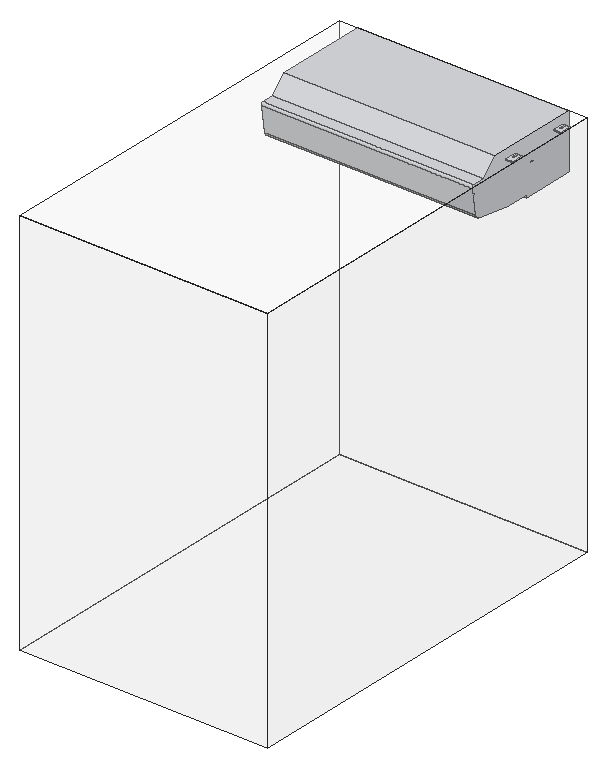
Revit family "pczg-p2_5mha14_50Hz", category 機械設備, Revit 2019
Family settings
  丸型コネクタ寸法 = 直径を使用
  パーツ タイプ = 標準
  OmniClass 番号 = 23.75.10.24.21.27.27
  OmniClass タイトル = Split System Air Conditioning Units
  作業面ベース = いいえ
  常に垂直 = はい
  ロード時にボイドで切り取り = いいえ
  共有 = いいえ
  部屋計算ポイント = はい
Parameters (values of type "厨房天吊_PCZG-P2MHA14")
  風量_強 (m3/min) = 17
  風量_弱 (m3/min) = 15
  風量 = MAX風量  # 1020.0 m³/h
  音響パワーレベル（弱）(dB) = 55
  音響パワーレベル(dB) = 57
  電源種別 = ""
  電源_H = 0 mm
  電圧_電気ヒーター = 0 V
  電圧 = 200 V
  電動機出力_送風機 = 0.04 kW
  運転質量 = 0.00 kg
  連動 = ""
  質量 = if(製品質量 > 運転質量, 製品質量, 運転質量) * 1.2  # 50.40 kg
  負荷分類 = 3_ファン類
  構成品番 = "PCZG-P2MHA14"
  冷媒液管位置 = 171 mm
  冷媒ガス管位置 = 195 mm
  ドレン管径 (外径) = 32 mm
  MIN風量 = [風量_弱 (m3/min)] * 60.0 m³/h  # 900.0 m³/h
  MAX風量 = [風量_強 (m3/min)] * 60.0 m³/h  # 1020.0 m³/h
  サービススペース = yes
  ケーブルサイズ = 0 mm
  Version = ""
  URL = "https://www.mitsubishielectric.co.jp/ldg/wink/ssl/displayProduct.do?pid=323635"
  Line = not(Width = 1136 mm)  # no
  説明 = "店舗・事務所用パッケージエアコン(Mr.SLIM) 厨房用(天吊形)"
  設計暖房能力 = 0.00 kW
  設計冷房能力_顕熱 = 0 kW
  設計冷房能力 = 0 kW
  設置方法 = "天井吊形"
  記号 = ""
  製造元 = "三菱電機株式会社"
  製品質量 = 42.00 kg
  製品出荷対象 = "国内"
  製品リリース年月 = "2022/10/11"
  製品グループ = ""
  系統 = ""
  符号 = "PAC_CRK"
  積算_科目 = "1 空気調和設備"
  積算_拾い区分 [instance] = ""
  相 = 1
  盤記号 = ""
  発停方法 = "付属スイッチ"
  特殊仕様 = ""
  火災停止 = ""
  消費電力_電気ヒーター = 0.00 kW
  消費電力_暖房 = 0.13 kW
  消費電力_加湿器 = 0.00 kW
  消費電力_冷房 = 0.13 kW
  消費電力 = if(消費電力_冷房 > 消費電力_暖房, 消費電力_冷房, 消費電力_暖房) + 消費電力_加湿器 + 消費電力_電気ヒーター  # 0.13 kW
  法定耐用年数 = "6"
  極数 = 1
  材質 = ""
  本体マテリアル = none
  有効加湿量 = 0
  暖房能力 = 5.60 kW
  推奨ブレーカー容量 = 0 A
  形式_加湿器 = ""
  形式 = "厨房用天井吊（露出）形"
  幹線記号 = ""
  始動方式 = "直入"
  呼称 = "室内機_厨房用天井吊（露出）形"
  周波数 = 50 Hz
  吊り位置Y = 320 mm
  吊り位置X = 1180 mm
  吊りボルト_H = 43 mm
  台数_手元リモコン = ""
  台数_冷媒分岐ユニット = ""
  参照している仕様書等のバージョン = "公共建築工事標準仕様書（機械設備工事編）平成31年度版"
  加湿給水管径 = 0.00 mm
  分類コード = "50053003123100"
  分類グループ = ""
  冷房能力 = 4.9 kW
  冷媒高低圧ガス管径 = 0.00 mm
  冷媒管径符号 = "Ac"
  冷媒管径 = 100.00 mm
  冷媒液管高さ = 165 mm
  冷媒液管径 = 6.35 mm
  冷媒ガス管高さ = 165 mm
  冷媒ガス管径 = 12.70 mm
  企業コード = "108420"
  付属品_フィルター = ""
  付属品 = ""
  仕様書バージョン = "Version1.0"
  Model = ""
  パネルマテリアル = none
  ドレン管高さ = 254 mm
  ドレン管径 = 25.00 mm
  コメント [instance] = ""
  ケーブル種類 = ""
  Width = 1136 mm
  Uniclass2015Version = "Systems v1.9"
  Uniclass2015Title = "Split coil remote air cooled condensing units"
  Uniclass2015Code = "Pr_70_65_03_84"
  SpecificationReference = ""
  SpecificationDescription = ""
  S_H = 295 mm
  Revision = ""
  ProductInformation = ""
  OmniClassCode = "23-33 17 13 11"
  IfcTypeProduct = ""
  IfcProduct = ""
  IfcExportType = "AIRCONDITIONINGUNIT"
  IfcExportAs = "IfcUnitaryEquipmentType"
  Height = 280 mm
  Depth = 650 mm
  価格 = 276000
  Clearance Top = 2 mm
  Clearance Right = 100 mm
  Clearance Left = 100 mm
  Clearance Front = 1500 mm
  Clearance Bottom = 1800 mm
  Clearance Back = 0 mm
  Author = "三菱電機株式会社"
Types (4, lengths in mm): name | 風量_強 (m3/min) | 風量_弱 (m3/min) | 風量 | 音響パワーレベル（弱）(dB) | 音響パワーレベル(dB) | 電動機出力_送風機 | 質量 | 構成品番 | 冷媒液管位置 | 冷媒ガス管位置 | MIN風量 | MAX風量 | URL | Line | 製品質量 | 消費電力_暖房 | 消費電力_冷房 | 消費電力 | 暖房能力 | 吊り位置X | 冷房能力 | 冷媒管径符号 | 冷媒液管径 | 冷媒ガス管径 | Width | 価格
  厨房天吊_PCZG-P2MHA14 | 17 | 15 | 1020.0 m³/h | 55 | 57 | 0.04 kW | 50.40 kg | "PCZG-P2MHA14" | 171 | 195 | 900.0 m³/h | 1020.0 m³/h | "https://www.mitsubishielectric.co.jp/ldg/wink/ssl/displayProduct.do?pid=323635" | no | 42.00 kg | 0.13 kW | 0.13 kW | 0.13 kW | 5.60 kW | 1180 | 4.9 kW | "Ac" | 6.35 | 12.70 | 1136 | 276000
  厨房天吊_PCZG-P3MHA14 | 38 | 30 | 2280.0 m³/h | 62 | 68 | 0.16 kW | 67.20 kg | "PCZG-P3MHA14" | 175 | 197 | 1800.0 m³/h | 2280.0 m³/h | "https://www.mitsubishielectric.co.jp/ldg/wink/ssl/displayProduct.do?pid=323521" | yes | 56.00 kg | 0.30 kW | 0.30 kW | 0.30 kW | 9.00 kW | 1564 | 8 kW | "Bd" | 9.52 | 15.88 | 1520 | 317000
  厨房天吊_PCZG-P4MHA14 | 38 | 30 | 2280.0 m³/h | 62 | 68 | 0.16 kW | 67.20 kg | "PCZG-P4MHA14" | 175 | 197 | 1800.0 m³/h | 2280.0 m³/h | "https://www.mitsubishielectric.co.jp/ldg/wink/ssl/displayProduct.do?pid=323492" | yes | 56.00 kg | 0.30 kW | 0.30 kW | 0.30 kW | 11.20 kW | 1564 | 10 kW | "Bd" | 9.52 | 15.88 | 1520 | 393000
  厨房天吊_PCZG-P5MHA14 | 38 | 30 | 2280.0 m³/h | 62 | 68 | 0.16 kW | 69.60 kg | "PCZG-P5MHA14" | 175 | 197 | 1800.0 m³/h | 2280.0 m³/h | "https://www.mitsubishielectric.co.jp/ldg/wink/ssl/displayProduct.do?pid=323493" | yes | 58.00 kg | 0.31 kW | 0.31 kW | 0.31 kW | 14.00 kW | 1564 | 11 kW | "Bd" | 9.52 | 15.88 | 1520 | 436000
Reference planes
  plane 1 "中心(正面/背面)": y = 0
  plane 2: z = 0
  plane 3 "中心(左/右)": x = 0
  plane 4: x = 523
  plane 5: z = 3835
  plane 6: x = 438
  plane 7: z = 3835
  plane 8: x = 463
  plane 9: z = 3746
  plane 10: x = 668
  plane 11: x = 568
  plane 12: x = -668
  plane 13: x = -568
  plane 14: y = -650
  plane 15: z = -280
  plane 16: y = -2150
  plane 17: x = -590
  plane 18: x = 590
  plane 19: z = -2095
  plane 20: z = -295
  plane 21: x = 558.3
  plane 22: y = -80
  plane 23: y = -400
  plane 24: y = -323
  plane 25: y = -195
  plane 26: y = -171
  plane 27: y = -70
  plane 28: z = -43
  plane 29: z = -165
  plane 30: z = -254
  plane 31: x = 523
  plane 32: x = 438
  plane 33: x = 463
  plane 34: x = 463
  plane 35: z = 3746
  plane 36: z = 2
  plane 37: z = -95
  plane 38: z = -165
  plane 39: z = -312
Forms (mm)
  Extrusion 1, solid
    sketch origin (0, -325, -4000) x (0, 1, 0) y (0, 0, 1)
      loop
        line (325, 4000) -> (-171.734, 4000) -> (-246.938, 3924.796) -> (-313.202, 3924.796)
        arc (-313.202, 3924.796) -> (-322.395, 3920.509) -> (-325.02, 3910.712) r 12
        line (-325.02, 3910.712) -> (-299.97, 3768.648)
        arc (-299.97, 3768.648) -> (-294.972, 3759.046) -> (-285.369, 3754.047) r 18
        line (-285.369, 3754.047) -> (-92.277, 3720) -> (37.069, 3720) -> (37.069, 3705) -> (325, 3705) -> (325, 4000)
    from -568 to 568
  Extrusion 2, solid, detail levels fine
    sketch origin (0, 0, 0) x (0, 0, -1) y (-1, 0, 0)
      loop
        circle (165.005, -523) r 6.35
    from -325 to -197
  Extrusion 3, solid, detail levels fine
    sketch origin (0, 0, 0) x (0, 0, -1) y (-1, 0, 0)
      loop
        circle (165.005, -438) r 3.175
    from -175 to -325
  Extrusion 4, solid, detail levels fine
    sketch origin (0, 0, 0) x (0, 0, -1) y (-1, 0, 0)
      loop
        circle (254.005, -463) r 16
    from -70 to -325
  Extrusion 5, solid, detail levels fine
    sketch origin (0, 0, -4000) x (1, 0, 0) y (0, 1, 0)
      loop
        line (568, -370) -> (568, -430) -> (612, -430) -> (612, -370) -> (595, -370) -> (595, -400)
        arc (595, -400) -> (590, -405) -> (585, -400) r 5
        line (585, -400) -> (585, -370) -> (568, -370)
    from 3954.5 to 3959.5
  Extrusion 6, solid, detail levels fine
    sketch origin (0, 320, -4000) x (1, 0, 0) y (0, 1, 0)
      loop
        line (568, -370) -> (568, -430) -> (612, -430) -> (612, -370) -> (595, -370) -> (595, -400)
        arc (595, -400) -> (590, -405) -> (585, -400) r 5
        line (585, -400) -> (585, -370) -> (568, -370)
    from 3954.5 to 3959.5
  Extrusion 7, solid, detail levels fine
    sketch origin (-1180, 0, -4000) x (1, 0, 0) y (0, 1, 0)
      loop
        line (568, -370) -> (568, -430) -> (612, -430) -> (612, -370) -> (595, -370) -> (595, -400)
        arc (595, -400) -> (590, -405) -> (585, -400) r 5
        line (585, -400) -> (585, -370) -> (568, -370)
    from 3954.5 to 3959.5
  Extrusion 8, solid, detail levels fine
    sketch origin (-1180, 320, -4000) x (1, 0, 0) y (0, 1, 0)
      loop
        line (568, -370) -> (568, -430) -> (612, -430) -> (612, -370) -> (595, -370) -> (595, -400)
        arc (595, -400) -> (590, -405) -> (585, -400) r 5
        line (585, -400) -> (585, -370) -> (568, -370)
    from 3954.5 to 3959.5
  Extrusion 9, solid, detail levels fine
    sketch origin (-3.482, 0, 0) x (1, 0, 0) y (0, 0, 1)
      loop
        circle (483.982, -165) r 50
    from 0 to 5
  Extrusion 10, solid, detail levels fine
    sketch origin (0, 160, 0) x (0, 0, -1) y (-1, 0, 0)
      loop
        circle (254.005, -463) r 16
    from -160 to -165
Lines and regions (mm)
  model lines, detail levels fine
    curve 1: line (-493, -647.647, -102.744) -> (-493, -628.546, -211.073)
    curve 2: line (493, -647.647, -102.744) -> (493, -628.546, -211.073)
    curve 3: line (-493, -647.647, -102.744) -> (493, -647.647, -102.744)
    curve 4: line (493, -628.546, -211.073) -> (-493, -628.546, -211.073)
Dimensions and locks
  equal spacing: plane 13, plane 3 "中心(左/右)", plane 11
  "Width": plane 13 to plane 11
  "Clearance Right": plane 11 to plane 10
  "Clearance Left": plane 12 to plane 13
  "Depth": plane 14 to plane 1 "中心(正面/背面)"
  "Height": level to plane 15
  "Clearance Front": plane 16 to plane 14
  equal spacing: plane 17, plane 3 "中心(左/右)", plane 18
  "吊り位置X": plane 17 to plane 18
  "S_H": level to plane 20
  locked: plane 21 to plane 11 at 9.7
  locked: plane 22 to plane 1 "中心(正面/背面)" at 80
  "吊り位置Y": plane 22 to plane 23
  plane 27 to plane 1 "中心(正面/背面)" = 70 mm
  "冷媒液管位置": plane 26 to plane 1 "中心(正面/背面)"  (x2)
  "冷媒ガス管位置": plane 25 to plane 1 "中心(正面/背面)"  (x2)
  plane 24 to plane 25 = 128 mm
  plane 24 to plane 26 = 152 mm
  "Clearance Bottom": plane 20 to plane 19
  "吊りボルト_H": level to plane 28
  level to plane 29 = 165 mm
  level to plane 30 = 254 mm
  plane 31 to plane 11 = 45 mm
  plane 32 to plane 31 = 85 mm
  plane 33 to plane 11 = 105 mm
  "Clearance Back": plane 1 "中心(正面/背面)" to nested 1
  equal spacing: plane 32, Extrusion 9 sketch curve, plane 31
  "Clearance Top": plane 36 to plane 2
  "冷媒ガス管高さ": plane 2 to plane 29
  "冷媒液管高さ": Extrusion 1 to plane 38
  "冷媒液管径": diameter of Extrusion 3 sketch curve
  "冷媒ガス管径": diameter of Extrusion 2 sketch curve
  "ドレン管径 (外径)": diameter of Extrusion 4 sketch curve
  "ドレン管径 (外径)": diameter of Extrusion 10 sketch curve
  aligned and locked: level to plane 2
  aligned and locked: plane 11 to Extrusion 1
  aligned and locked: plane 13 to Extrusion 1
  aligned and locked: plane 12 to nested 1
  aligned and locked: nested 1 to plane 10
  aligned and locked: plane 17 to nested 2
  aligned and locked: nested 2 to plane 18
  aligned and locked: plane 20 to Extrusion 1
  aligned and locked: plane 19 to nested 1
  aligned and locked: plane 21 to nested 3
  aligned and locked: nested 1 to plane 16
  aligned and locked: plane 22 to nested 2
  aligned and locked: plane 23 to nested 2
  aligned and locked: plane 1 "中心(正面/背面)" to nested 1
  aligned and locked: plane 36 to nested 1
Automatic sketch dimensions
  Extrusion 1 sketch curve to level = 0 mm
  Extrusion 1 sketch curve to plane 15 = 0 mm
  Extrusion 1 sketch curve to plane 20 = 0 mm
  Extrusion 1 sketch curve to plane 1 "中心(正面/背面)" = 0 mm
  plane 24 to Extrusion 1 sketch curve = 35.069 mm
  Extrusion 1 sketch curve to plane 23 = 17.277 mm
  Extrusion 1 sketch curve to plane 23 = 96.734 mm
  Extrusion 1 sketch curve to plane 28 = 32.204 mm
  plane 14 to Extrusion 1 sketch curve = 78.062 mm
  plane 14 to Extrusion 1 sketch curve = 42.756 mm
  plane 30 to Extrusion 1 sketch curve = 8.047 mm
  Extrusion 1 sketch curve to Extrusion 1 sketch curve = 3.126 mm
  Extrusion 1 sketch curve to Extrusion 1 sketch curve = 17.727 mm
  plane 14 to Extrusion 1 sketch curve = 11.798 mm
  Extrusion 1 sketch curve to plane 14 = 0.02 mm
  Extrusion 1 sketch curve to Extrusion 1 sketch curve = 14.601 mm
  Extrusion 1 sketch curve to Extrusion 1 sketch curve = 14.084 mm
  Extrusion 1 to curve 3 = 13.664 mm
  curve 2 to Extrusion 1 = 20.591 mm
  Extrusion 1 to curve 1 = 75 mm
  Extrusion 1 to curve 3 = 75 mm
  Extrusion 5 sketch curve to plane 11 = 0 mm
  Extrusion 5 sketch curve to plane 23 = 0 mm
  Extrusion 5 sketch curve to plane 18 = 0 mm
  Extrusion 5 sketch curve to Extrusion 5 sketch curve = 5 mm
  Extrusion 5 sketch curve to plane 18 = 22 mm
  Extrusion 5 sketch curve to plane 23 = 30 mm
  plane 23 to Extrusion 5 sketch curve = 30 mm
  Extrusion 5 sketch curve to Extrusion 5 sketch curve = 0 mm
  Extrusion 6 sketch curve to plane 11 = 0 mm
  Extrusion 6 sketch curve to plane 22 = 0 mm
  Extrusion 6 sketch curve to plane 18 = 0 mm
  Extrusion 6 sketch curve to Extrusion 6 sketch curve = 5 mm
  Extrusion 6 sketch curve to plane 18 = 22 mm
  Extrusion 6 sketch curve to plane 22 = 30 mm
  plane 27 to Extrusion 6 sketch curve = 20 mm
  Extrusion 6 sketch curve to Extrusion 6 sketch curve = 0 mm
  Extrusion 7 sketch curve to plane 23 = 0 mm
  Extrusion 7 sketch curve to plane 17 = 0 mm
  Extrusion 7 sketch curve to plane 13 = 0 mm
  Extrusion 7 sketch curve to plane 17 = 5 mm
  Extrusion 7 sketch curve to plane 17 = 22 mm
  Extrusion 7 sketch curve to plane 23 = 30 mm
  plane 23 to Extrusion 7 sketch curve = 30 mm
  Extrusion 7 sketch curve to Extrusion 7 sketch curve = 0 mm
  Extrusion 8 sketch curve to plane 22 = 0 mm
  Extrusion 8 sketch curve to plane 17 = 0 mm
  Extrusion 8 sketch curve to plane 13 = 0 mm
  Extrusion 8 sketch curve to plane 17 = 5 mm
  Extrusion 8 sketch curve to plane 17 = 22 mm
  Extrusion 8 sketch curve to plane 22 = 30 mm
  plane 27 to Extrusion 8 sketch curve = 20 mm
  Extrusion 8 sketch curve to Extrusion 8 sketch curve = 0 mm
  Extrusion 9 sketch curve to plane 29 = 0 mm
  Extrusion 1 to Extrusion 2 sketch curve = 45 mm
  Extrusion 2 sketch curve to Extrusion 1 = 129.995 mm
  Extrusion 3 sketch curve to Extrusion 1 = 129.995 mm
  Extrusion 1 to Extrusion 3 sketch curve = 130 mm
  Extrusion 4 sketch curve to Extrusion 1 = 40.995 mm
  Extrusion 1 to Extrusion 4 sketch curve = 105 mm
  plane 33 to Extrusion 10 sketch curve = 0 mm
  Extrusion 10 sketch curve to plane 30 = 0.005 mm
  radius of Extrusion 9 sketch curve = 50 mm
Nested families
  nested 1: "サービススペース" at (0, -1075, -1046.5), visible <- "サービススペース", type "サービススペース"
    with Width 1336 mm, Height 2097 mm, Depth 2150 mm
  nested 2: "固定点" at (-590, -400, 0), type "固定点"
    with W 1180 mm, D 320 mm
  nested 3: "吸込口" at (-192, 0, -4000), Width <- "Width", type "吸込口"
    with Width 1136 mm, Line-2 yes, Line no
Connectors
  piping at (480.5, 0, -165), diameter 100, driven by "冷媒管径", driven by "冷媒管径符号"
    settings: on Extrusion 9, index 1, connector inside diameter 609.60 mm, connector length 0 mm, flow factor 0, pipe flow 0.0 L/s, pressure drop 0.0 Pa, fitting loss kfactor 0, connector angle 0.00°, fixture units 0, engagement length 0 mm, angle of deflection 0.00°, flow configuration 1, flow direction 1, fitting loss method 4, system type 7, joint type 0, gender type 0, connector reference index -1, connector utility 0, adjustable connector no, is connector primary yes, connector description "Ac"
  piping at (463, 0, -254.005), diameter 32, driven by "ドレン管径 (外径)"
    settings: on Extrusion 10, index 2, connector inside diameter 609.60 mm, connector length 0 mm, flow factor 0, pipe flow 0.0 L/s, pressure drop 0.0 Pa, fitting loss kfactor 0, connector angle 0.00°, fixture units 0, engagement length 0 mm, angle of deflection 0.00°, flow configuration 1, flow direction 2, fitting loss method 4, system type 16, joint type 0, gender type 0, connector reference index -1, connector utility 0, adjustable connector no, is connector primary no, connector description ""
  electrical at (568, -416.852, -169.727), driven by "極数", driven by "負荷分類", driven by "電圧", driven by "消費電力"
    settings: on Extrusion 1, index 3, voltage 200 V, apparent load 130 VA, apparent load phase1 0 VA, apparent load phase2 0 VA, apparent load phase3 0 VA, power factor 1, load classification "3_ファン類", number of poles 1, system type 30, power factor state 1, is connector primary yes, connector utility no, sub classification motor no, connector description ""
Definition of nested family "サービススペース"
  Parameters (values of type "サービススペース")
    Width [instance] = 500 mm
    Height [instance] = 500 mm
    Depth [instance] = 500 mm
  Reference planes
    plane 1 "中心(正面/背面)": y = 0
    plane 2: z = 0
    plane 3 "中心(左/右)": x = 0
    plane 4: y = -250
    plane 5: x = 250
    plane 6: y = 250
    plane 7: x = -250
    plane 8: z = 250
    plane 9: z = -250
  Forms (mm)
    Extrusion 1, solid
      sketch origin (-638.939, 0, 72.39) x (1, 0, 0) y (0, 1, 0)
        loop
          line (388.939, 250) -> (388.939, -250) -> (888.939, -250) -> (888.939, 250) -> (388.939, 250)
      from -322.39 to 177.61
  Lines and regions (mm)
    symbolic lines
      curve 1: line (-250, 0, 250) -> (250, 0, 250)
      curve 2: line (-250, 0, -250) -> (-250, 0, 250)
      curve 3: line (250, 0, -250) -> (-250, 0, -250)
      curve 4: line (250, 0, 250) -> (250, 0, -250)
      curve 5: line (0, -250, 250) -> (0, 250, 250)
      curve 6: line (0, -250, -250) -> (0, -250, 250)
      curve 7: line (0, 250, -250) -> (0, -250, -250)
      curve 8: line (0, 250, 250) -> (0, 250, -250)
      curve 9: line (-250, 250, 0) -> (250, 250, 0)
      curve 10: line (-250, -250, 0) -> (-250, 250, 0)
      curve 11: line (250, -250, 0) -> (-250, -250, 0)
      curve 12: line (250, 250, 0) -> (250, -250, 0)
  Dimensions and locks
    equal spacing: plane 7, plane 3 "中心(左/右)", plane 5
    equal spacing: plane 4, plane 1 "中心(正面/背面)", plane 6
    "Depth": plane 4 to plane 6
    "Width": plane 7 to plane 5
    equal spacing: plane 8, plane 2, plane 9
    "Height": plane 8 to plane 9
    aligned and locked: plane 9 to curve 3
    aligned and locked: plane 7 to curve 2
    aligned and locked: curve 4 to plane 5
    aligned and locked: plane 5 to Extrusion 1
    aligned and locked: Extrusion 1 to plane 7
    aligned and locked: Extrusion 1 to plane 9
    aligned and locked: plane 8 to Extrusion 1
    aligned and locked: plane 9 to curve 7
  Automatic sketch dimensions
    plane 4 to Extrusion 1 sketch curve = 0 mm
    Extrusion 1 sketch curve to plane 7 = 0 mm
    Extrusion 1 sketch curve to plane 5 = 0 mm
    plane 6 to Extrusion 1 sketch curve = 0 mm
    curve 2 to plane 8 = 0 mm
    plane 4 to curve 11 = 0 mm
    curve 11 to plane 7 = 0 mm
    curve 11 to plane 5 = 0 mm
    plane 6 to curve 10 = 0 mm
    curve 7 to plane 4 = 0 mm
    curve 7 to plane 6 = 0 mm
    curve 6 to plane 8 = 0 mm
Definition of nested family "吸込口"
  Parameters (values of type "吸込口")
    Width [instance] = 1136 mm
    Line-2 [instance] = not(Width = 1520 mm)  # yes
    Line [instance] = not(Width = 1136 mm)  # no
  Reference planes
    plane 1 "Center (Front/Back)": y = 0
    plane 2: z = 0
    plane 3 "Center (Left/Right)": x = 0
    plane 4: x = 384
    plane 5: x = -384
    plane 6: x = 750.3
    plane 7: x = -192
    plane 8: x = 192
    plane 9: y = -243
    plane 10: z = 3688
  Forms (mm)
    Extrusion 1, solid, visible <- "Line"
      sketch origin (0, -200, 0) x (1, 0, 0) y (0, 1, 0)
        loop
          circle (384, -43) r 10
        loop
          circle (-384, -43) r 10
      from 3688 to 3705
    Extrusion 2, solid, visible <- "Line-2"
      sketch origin (0, -213.278, 0) x (1, 0, 0) y (0, 1, 0)
        loop
          circle (0, -29.722) r 10
        loop
          circle (384, -29.722) r 10
      from 3688 to 3705
  Lines and regions (mm)
    model lines, visible <- "Line", detail levels fine
      curve 1: line (-376.3, -289.931, 3705) -> (-376.3, 0, 3705)
      curve 12: line (-391.3, 0, 3705) -> (-391.3, -289.931, 3705)
      curve 13: line (-750.3, -274.931, 3705) -> (-750.3, -15, 3705)
      curve 14: line (-401.3, -15, 3705) -> (-401.3, -274.931, 3705)
      curve 15: line (-750.3, -15, 3705) -> (-401.3, -15, 3705)
      curve 16: line (-401.3, -274.931, 3705) -> (-750.3, -274.931, 3705)
      curve 17: line (-750.3, -54.429, 3705) -> (-595.903, -274.931, 3705)
      curve 18: line (-401.3, -55, 3705) -> (-555.297, -274.931, 3705)
      curve 19: line (-750.3, -235.571, 3705) -> (-595.854, -15, 3705)
      curve 20: line (-401.3, -235, 3705) -> (-555.346, -15, 3705)
      curve 21: line (-750.3, -274.931, 3705) -> (-750.3, -15, 3705)
      curve 40: line (750.3, -274.931, 3705) -> (750.3, -15, 3705)
    model lines, detail levels fine
      curve 2: line (-7.7, 0, 3705) -> (-7.7, -289.931, 3705)
      curve 3: line (-366.3, -274.931, 3705) -> (-366.3, -15, 3705)
      curve 4: line (-17.7, -15, 3705) -> (-17.7, -274.931, 3705)
      curve 5: line (-366.3, -15, 3705) -> (-17.7, -15, 3705)
      curve 6: line (-17.7, -274.931, 3705) -> (-366.3, -274.931, 3705)
      curve 7: line (-366.3, -55, 3705) -> (-212.303, -274.931, 3705)
      curve 8: line (-17.7, -55, 3705) -> (-171.697, -274.931, 3705)
      curve 9: line (-366.3, -235, 3705) -> (-212.254, -15, 3705)
      curve 10: line (-17.7, -235, 3705) -> (-171.746, -15, 3705)
      curve 11: line (7.3, -289.931, 3705) -> (7.3, 0, 3705)
      curve 22: line (376.3, -289.931, 3705) -> (376.3, 0, 3705)
      curve 23: line (366.3, -274.931, 3705) -> (366.3, -15, 3705)
      curve 24: line (17.7, -15, 3705) -> (17.7, -274.931, 3705)
      curve 25: line (366.3, -15, 3705) -> (17.7, -15, 3705)
      curve 26: line (17.7, -274.931, 3705) -> (366.3, -274.931, 3705)
      curve 27: line (366.3, -55, 3705) -> (212.303, -274.931, 3705)
      curve 28: line (17.7, -55, 3705) -> (171.697, -274.931, 3705)
      curve 29: line (366.3, -235, 3705) -> (212.254, -15, 3705)
      curve 30: line (17.7, -235, 3705) -> (171.746, -15, 3705)
      curve 31: line (391.3, 0, 3705) -> (391.3, -289.931, 3705)
      curve 32: line (750.3, -274.931, 3705) -> (750.3, -15, 3705)
      curve 33: line (401.3, -15, 3705) -> (401.3, -274.931, 3705)
      curve 34: line (750.3, -15, 3705) -> (401.3, -15, 3705)
      curve 35: line (401.3, -274.931, 3705) -> (750.3, -274.931, 3705)
      curve 36: line (750.3, -54.429, 3705) -> (595.903, -274.931, 3705)
      curve 37: line (401.3, -55, 3705) -> (555.297, -274.931, 3705)
      curve 38: line (750.3, -235.571, 3705) -> (595.854, -15, 3705)
      curve 39: line (401.3, -235, 3705) -> (555.346, -15, 3705)
  Dimensions and locks
    equal spacing: plane 5, plane 3 "Center (Left/Right)", plane 4
    plane 5 to plane 4 = 768 mm
    equal spacing: plane 7, plane 3 "Center (Left/Right)", plane 8
    plane 7 to plane 8 = 384 mm
    aligned and locked: level to plane 2
  Automatic sketch dimensions
    curve 40 to plane 6 = 0 mm
    plane 1 "Center (Front/Back)" to curve 31 = 0 mm
    plane 1 "Center (Front/Back)" to curve 22 = 0 mm
    plane 1 "Center (Front/Back)" to curve 11 = 0 mm
    plane 1 "Center (Front/Back)" to curve 2 = 0 mm
    plane 1 "Center (Front/Back)" to curve 1 = 0 mm
    plane 1 "Center (Front/Back)" to curve 12 = 0 mm
    plane 4 to curve 35 = 17.3 mm
    curve 23 to plane 4 = 17.7 mm
    plane 3 "Center (Left/Right)" to curve 24 = 17.7 mm
    curve 5 to plane 3 "Center (Left/Right)" = 17.7 mm
    plane 5 to curve 3 = 17.7 mm
    curve 14 to plane 5 = 17.3 mm
    plane 1 "Center (Front/Back)" to curve 15 = 15 mm
    curve 14 to curve 15 = 349 mm
    plane 1 "Center (Front/Back)" to curve 4 = 15 mm
    plane 1 "Center (Front/Back)" to curve 34 = 15 mm
    plane 1 "Center (Front/Back)" to curve 23 = 15 mm
    curve 14 to curve 14 = 259.931 mm
    curve 24 to curve 26 = 259.931 mm
    curve 32 to curve 32 = 259.931 mm
    curve 14 to curve 6 = 0 mm
    plane 6 to curve 36 = 154.397 mm
    plane 6 to curve 38 = 154.446 mm
    curve 38 to curve 39 = 40.509 mm
    curve 36 to curve 37 = 40.606 mm
    plane 4 to curve 31 = 7.3 mm
    curve 22 to plane 4 = 7.7 mm
    curve 23 to curve 27 = 153.997 mm
    curve 23 to curve 29 = 154.046 mm
    curve 29 to curve 30 = 40.509 mm
    curve 27 to curve 28 = 40.606 mm
    plane 3 "Center (Left/Right)" to curve 11 = 7.3 mm
    curve 2 to plane 3 "Center (Left/Right)" = 7.7 mm
    curve 4 to curve 8 = 153.997 mm
    curve 4 to curve 10 = 154.046 mm
    curve 10 to curve 9 = 40.509 mm
    curve 8 to curve 7 = 40.606 mm
    plane 5 to curve 1 = 7.7 mm
    curve 12 to plane 5 = 7.3 mm
    curve 14 to curve 18 = 153.997 mm
    curve 14 to curve 20 = 154.046 mm
    curve 20 to curve 19 = 40.509 mm
    curve 18 to curve 17 = 40.606 mm
    curve 32 to curve 36 = 39.429 mm
    curve 13 to curve 17 = 39.429 mm
    curve 4 to curve 8 = 40 mm
    curve 33 to curve 37 = 40 mm
    curve 3 to curve 7 = 40 mm
    curve 18 to curve 7 = 0 mm
    curve 8 to curve 28 = 0 mm
    curve 27 to curve 37 = 0 mm
    curve 20 to curve 14 = 39.931 mm
    curve 39 to curve 33 = 39.931 mm
    curve 30 to curve 24 = 39.931 mm
    curve 20 to curve 9 = 0 mm
    curve 10 to curve 30 = 0 mm
    curve 29 to curve 39 = 0 mm
    curve 19 to curve 13 = 39.359 mm
    curve 38 to curve 32 = 39.359 mm
    curve 23 to curve 22 = 15 mm
    curve 14 to curve 12 = 15 mm
    curve 24 to curve 11 = 15 mm
    curve 2 to curve 11 = 0 mm
    curve 12 to curve 1 = 0 mm
    curve 22 to curve 31 = 0 mm
    Extrusion 1 sketch curve to plane 5 = 0 mm
    Extrusion 1 sketch curve to plane 4 = 0 mm
    plane 1 "Center (Front/Back)" to Extrusion 1 sketch curve = 243 mm  (x2)
    plane 7 to Extrusion 2 sketch curve = 192 mm
    plane 8 to Extrusion 2 sketch curve = 192 mm
    plane 1 "Center (Front/Back)" to Extrusion 2 sketch curve = 243 mm  (x2)
    radius of Extrusion 1 sketch curve = 10 mm  (x2)
    radius of Extrusion 2 sketch curve = 10 mm  (x2)
Definition of nested family "固定点"
  Parameters (values of type "固定点")
    中心円 = 20 mm
    W [instance] = 1000 mm
    D [instance] = 1000 mm
  Reference planes
    plane 1 "中心(正面/背面)": y = 0
    plane 2: z = 0
    plane 3 "中心(左/右)": x = 0
    plane 4: x = 1000
    plane 5: y = 1000
  Lines and regions (mm)
    symbolic lines, detail levels fine
      curve 1: circle (0, 1000, 0) r 10 normal (0, 0, 1)
      curve 2: circle (0, 0, 0) r 10 normal (0, 0, 1)
      curve 3: circle (1000, 1000, 0) r 10 normal (0, 0, 1)
      curve 4: circle (1000, 0, 0) r 10 normal (0, 0, 1)
      curve 5: line (-200, 1000, 0) -> (1200, 1000, 0)
      curve 6: line (-200, 0, 0) -> (1200, 0, 0)
      curve 7: line (0, 1200, 0) -> (0, -200, 0)
      curve 8: line (1000, 1200, 0) -> (1000, -200, 0)
  Dimensions and locks
    "W": plane 3 "中心(左/右)" to plane 4
    "D": plane 1 "中心(正面/背面)" to plane 5
    "中心円": diameter of curve 1
    "中心円": diameter of curve 2
    "中心円": diameter of curve 3
    "中心円": diameter of curve 4
    aligned and locked: level to plane 2
    aligned and locked: plane 5 to curve 1
    aligned and locked: plane 3 "中心(左/右)" to curve 1
    aligned and locked: plane 3 "中心(左/右)" to curve 2
    aligned and locked: plane 1 "中心(正面/背面)" to curve 2
    aligned and locked: plane 4 to curve 3
    aligned and locked: plane 5 to curve 3
    aligned and locked: plane 1 "中心(正面/背面)" to curve 4
    aligned and locked: plane 4 to curve 4
    aligned and locked: plane 1 "中心(正面/背面)" to curve 6
    aligned and locked: curve 7 to plane 3 "中心(左/右)"
    aligned and locked: curve 8 to plane 4
  Automatic sketch dimensions
    curve 5 to plane 5 = 0 mm
    curve 6 to plane 3 "中心(左/右)" = 200 mm
    curve 5 to plane 3 "中心(左/右)" = 200 mm
    curve 4 to curve 6 = 200 mm
    curve 3 to curve 5 = 200 mm
    plane 1 "中心(正面/背面)" to curve 8 = 200 mm
    plane 1 "中心(正面/背面)" to curve 7 = 200 mm
    curve 3 to curve 8 = 200 mm
    curve 1 to curve 7 = 200 mm
